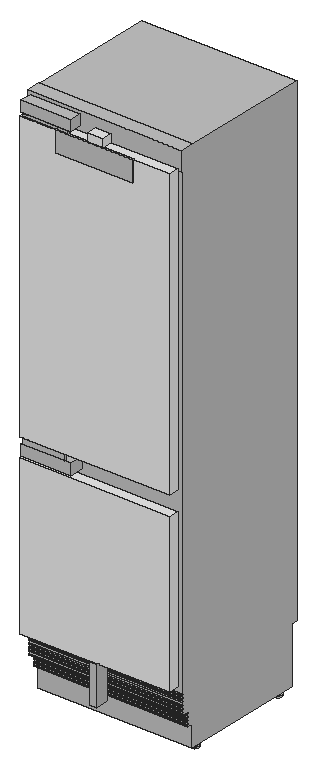
Revit family "FP-Revit18-RS2484WLUK1-FridgeFreezer-0-CA-US-90001068A", category Specialty Equipment, Revit 2020 (continued)
Definition of nested family "Handle Professional Square - Horizontal"
  Lines and regions (mm)
    sketch lines
      curve 11: arc (-293, -40, -17.5) -> (-290.071, -47.071, -17.5) -> (-283, -50, -17.5) r 10
      curve 12: line (-243, -50, -17.5) -> (-283, -50, -17.5)
  Dimensions and locks
    equal spacing: plane 4 "Product LHS", plane 3 "Center (Left/Right)", plane 5 "Product RHS"
    "Handle - Length": plane 4 "Product LHS" to plane 5 "Product RHS"
    plane 4 "Product LHS" to plane 6 "LHS Standoff" = 50 mm
    plane 7 "RHS Standoff" to plane 5 "Product RHS" = 50 mm
    aligned and locked: level to plane 2
    aligned and locked: plane 5 "Product RHS" to Extrusion 1 sketch curve
    aligned and locked: Extrusion 1 sketch curve to plane 1 "Center (Front/Back)"
    aligned and locked: plane 1 "Center (Front/Back)" to Extrusion 1 sketch curve
    aligned and locked: Extrusion 1 sketch curve to plane 6 "LHS Standoff"
    aligned and locked: Extrusion 1 sketch curve to plane 7 "RHS Standoff"
    aligned and locked: plane 7 "RHS Standoff" to Extrusion 2
    aligned and locked: Extrusion 2 to plane 6 "LHS Standoff"
    aligned and locked: plane 5 "Product RHS" to Extrusion 7 sketch curve
    aligned and locked: Extrusion 7 sketch curve to plane 7 "RHS Standoff"
    aligned and locked: plane 6 "LHS Standoff" to Extrusion 7 sketch curve
    aligned and locked: plane 4 "Product LHS" to Extrusion 7 sketch curve
    aligned and locked: Extrusion 7 sketch curve to plane 1 "Center (Front/Back)"
    aligned and locked: plane 1 "Center (Front/Back)" to Extrusion 7 sketch curve
  Automatic sketch dimensions
    Extrusion 1 sketch curve to plane 4 "Product LHS" = 0 mm
    Extrusion 1 sketch curve to plane 4 "Product LHS" = 10 mm
    plane 5 "Product RHS" to Extrusion 1 sketch curve = 10 mm
    Extrusion 1 sketch curve to Extrusion 1 sketch curve = 40 mm  (x2)
    level to Extrusion 2 sketch curve = 0 mm
    plane 1 "Center (Front/Back)" to Extrusion 2 sketch curve = 61.313 mm
    Extrusion 2 sketch curve to Extrusion 2 sketch curve = 13.513 mm
    Extrusion 2 sketch curve to Extrusion 2 sketch curve = 1.328 mm  (x4)
    Extrusion 2 sketch curve to Extrusion 2 sketch curve = 9.684 mm  (x2)
    Extrusion 2 sketch curve to Extrusion 2 sketch curve = 14.172 mm
    Sweep 3 sketch curve to profile plane = 0 mm  (x2)
    Sweep 3 sketch curve to profile plane = 2.5 mm  (x2)
    Sweep 4 sketch curve to profile plane = 0 mm  (x2)
    Sweep 4 sketch curve to profile plane = 2.5 mm  (x2)
    profile plane to Sweep 5 sketch curve = 0 mm
    Sweep 5 sketch curve to profile plane = 0 mm
    Sweep 5 sketch curve to profile plane = 2.5 mm  (x2)
    profile plane to Sweep 6 sketch curve = 0 mm
    Sweep 6 sketch curve to profile plane = 0 mm
    Sweep 6 sketch curve to profile plane = 2.5 mm  (x2)
    Extrusion 7 sketch curve to plane 4 "Product LHS" = 10 mm
    plane 5 "Product RHS" to Extrusion 7 sketch curve = 10 mm
    plane 1 "Center (Front/Back)" to Extrusion 7 sketch curve = 32 mm
    plane 1 "Center (Front/Back)" to Extrusion 7 sketch curve = 40 mm
Definition of nested family "Visibility Control Note 18"
  Types (3): name
    New
    Resolved
    Active
  Reference planes
    plane 1: y = 0
    plane 2: x = 0
  Text (mm)
    text "Edit Type: \nTo control handle kit \nand door panel visibility\n options\n\nDelete unwanted kits \nto reduce file size" at (-0.165, 35.556, 0)
Types (3, lengths in mm): name | Model | Description
  (no name) | "RS2484WLUE1" | "24\" Integrated Column Refrigerator/Freezer with Ice & Water, SS interior"
  RS2484WLU1 | "RS2484WLU1" | "24\" Integrated Column Refrigerator/Freezer with Ice & Water, White Interior"
  RS2484WLUE1 | "RS2484WLUE1" | "24\" Integrated Column Refrigerator/Freezer with Ice & Water, SS interior"
